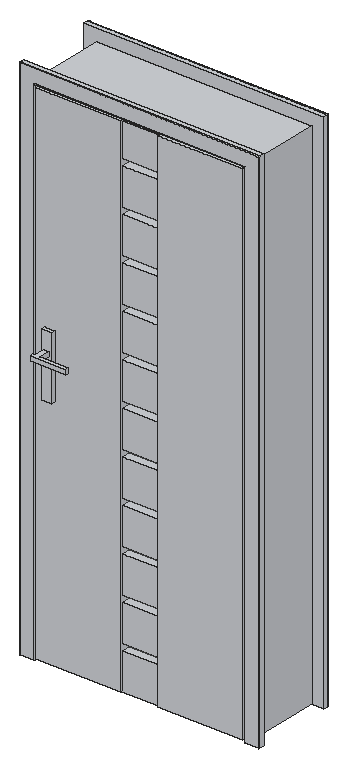
Revit family "PortaFOCUSbp_3C", category Drzwi, Revit 2016
Family settings
  Obiekt nadrzędny = Ściana
  Zawsze pionowo = Tak
  Tnij formami wycięć po wczytaniu = Nie
  Współdzielony = Nie
  Punkt obliczania pomieszczeń = Nie
Parameters (values of type "PN 80")
  Zakres szerokości muru [instance] = if(and(Szerokość ściany > 94 mm, Szerokość ściany < 120 mm), "B", (if(and(Szerokość ściany > 119 mm, Szerokość ściany < 140 mm), "C", (if(and(Szerokość ściany > 139 mm, Szerokość ściany < 160 mm), "D", (if(and(Szerokość ściany > 159 mm, Szerokość ściany < 180 mm), "E", (if(and(Szerokość ściany > 179 mm, Szerokość ściany < 200 mm), "F", (if(and(Szerokość ściany > 199 mm, Szerokość ściany < 220 mm), "G", (if(and(Szerokość ściany > 219 mm, Szerokość ściany < 240 mm), "H", (if(and(Szerokość ściany > 239 mm, Szerokość ściany < 260 mm), "I", (if(and(Szerokość ściany > 259 mm, Szerokość ściany < 280 mm), "J", (if(and(Szerokość ściany > 279 mm, Szerokość ściany < 301 mm), "K", "BRAK")))))))))))))))))))  # "K"
  Wysokość brutto = 2060 mm
  Szerokość ściany [instance] = 300 mm
  Szerokość brutto = 880 mm
  Model = "Porta Focus 3C"
  Materiał_szyba = Szkło
  Konstrukcja analityczna = "<Brak>"
  Funkcja = Wewnętrzna
  URL = "www.porta.com.pl"
  Ss = 818 mm
  Sb = 846 mm
  Producent = "PORTA KMI POLAND"
  Keynote = ""
  Opis = "Własność Porta KMI Poland, wszelkie prawa zastrzeżone."  # constant formula
  Wysokość = 2016 mm
  Zakończenie ściany = Wg obiektu nadrzędnego
  Szerokość = 800 mm
  Materiał_skrzydło [instance] = none
  Materiał_ościeżnica [instance] = none
  Materiał_klamka [instance] = none
  Hs = 2017 mm
Types (5, lengths in mm): name | Szerokość brutto | Materiał_szyba | Ss | Sb | Szerokość
  PN 70 | 780 | none | 718 | 746 | 700
  PN 60 | 680 | none | 618 | 646 | 600
  PN 80 | 880 | Szkło | 818 | 846 | 800
  PN 90 | 980 | none | 918 | 946 | 900
  PN 100 | 1080 | none | 1018 | 1046 | 1000
Reference planes
  plane 1: y = 0
  plane 2 "Środek (Lewa/Prawa)": x = 0
  plane 3 "Lewy": x = -440
  plane 4 "Prawy": x = 440
  plane 5: z = 2060
  plane 6 "Zewnętrzna": y = 150
  plane 7 "Wewnętrzna": y = -150
  plane 8 "skrzydło": y = -129
Forms (mm)
  Sweep 1, solid, material <- "Materiał_ościeżnica"
    path in 3D
      loop
        line (-440, -150, 0) -> (-440, -150, 2060) -> (440, -150, 2060) -> (440, -150, 0)
    profile origin (-440, -150, 1030) x (0, -1, 0) y (1, 0, 0)
      loop
        line (-24, 39) -> (-72, 39) -> (-72, 17) -> (0, 17) -> (0, -33) -> (16, -33)
        arc (16, -33) -> (18.121, -32.121) -> (19, -30) r 3
        line (19, -30) -> (19, 24)
        arc (19, 24) -> (18.121, 26.121) -> (16, 27) r 3
        line (16, 27) -> (-24, 27) -> (-24, 39)
  Sweep 2, solid, material <- "Materiał_ościeżnica"
    path in 3D
      loop
        line (440, 150, 0) -> (440, 150, 2060) -> (-440, 150, 2060) -> (-440, 150, 0)
    profile origin (-440, 150, 1030) x (1, 0, 0) y (0, 1, 0)
      loop
        line (-33, 0) -> (17, 0) -> (17, -228) -> (39, -228) -> (39, -1)
        arc (39, -1) -> (37.536, 2.536) -> (34, 4) r 5
        line (34, 4) -> (25, 4) -> (25, 16)
        arc (25, 16) -> (24.121, 18.121) -> (22, 19) r 3
        line (22, 19) -> (-30, 19)
        arc (-30, 19) -> (-32.121, 18.121) -> (-33, 16) r 3
        line (-33, 16) -> (-33, 0)
  Sweep 3, solid, not visible
    path in 3D
      loop
        line (-440, -150, 0) -> (-440, -150, 2060)
    profile origin (-440, -150, 1030) x (0, -1, 0) y (1, 0, 0)
      loop
        line (-151, 17) -> (-149, 17) -> (-149, 19) -> (-151, 19) -> (-151, 17)
Cuts and joins
  joined: Sweep 1, Sweep 2
Lines and regions (mm)
  Opening 1
    outline origin (-3050, -150, 0) x (1, 0, 0) y (0, 0, 1)
      loop
        line (2610, 0) -> (3490, 0) -> (3490, 2060) -> (2610, 2060) -> (2610, 0)
  sketch lines
    curve 1: line (-440, -150, 0) -> (-440, -150, 2060)
    curve 2: line (-440, -150, 2060) -> (440, -150, 2060)
    curve 3: line (440, -150, 2060) -> (440, -150, 0)
    curve 4: line (-440, 150, 2060) -> (-440, 150, 0)
    curve 5: line (440, 150, 2060) -> (-440, 150, 2060)
    curve 6: line (440, 150, 0) -> (440, 150, 2060)
    curve 12: line (-440, -150, 0) -> (-440, -150, 2060)
  symbolic lines, style "DoorsPanelProjection"
    curve 7: line (409, -150, 0) -> (409, -968, 0)
    curve 8: line (409, -968, 0) -> (369, -968, 0)
    curve 9: line (369, -968, 0) -> (369, -150, 0)
    curve 10: line (369, -150, 0) -> (409, -150, 0)
  symbolic lines, style "Ugięcie rzutu"
    curve 11: arc (-409, -150, 0) -> (-169.413, -728.413, 0) -> (409, -968, 0) r 818
Text (mm)
  text "Zewnętrzna" at (-2295.016, 1099.543, 0), in view "Poziom odniesienia"
  text "Zewnętrzna" at (0, 1615.38, 3698.081), in view "Lewy"
  text "Zewnętrzna" at (0, 1036.032, 3874.932), in view "Prawy"
Dimensions and locks
  equal spacing: plane 3 "Lewy", plane 2 "Środek (Lewa/Prawa)", plane 4 "Prawy"
  "Szerokość brutto": plane 3 "Lewy" to plane 4 "Prawy"
  "Wysokość brutto": plane 5 to host wall
  host wall to plane 5 = 2060 mm  (x2)
  locked: plane 6 "Zewnętrzna" to host wall at 0
  locked: plane 7 "Wewnętrzna" to host wall
  "Sb": Sweep 1 to Sweep 1
  locked: Sweep 1 sketch curve to Sweep 1 sketch curve at 22
  Sweep 1 sketch curve to Sweep 1 sketch curve = 50 mm
  locked: Sweep 1 sketch curve to profile plane at 72
  locked: Sweep 2 sketch curve to Sweep 2 sketch curve at 50
  locked: Sweep 2 sketch curve to Sweep 2 sketch curve at 22
  locked: Sweep 2 sketch curve to plane 6 "Zewnętrzna" at 1
  locked: curve 9 to curve 7 at 40
  "Ss": curve 8 to curve 10
  equal spacing: curve 11, plane 2 "Środek (Lewa/Prawa)", curve 7
  locked: plane 7 "Wewnętrzna" to plane 8 "skrzydło" at 21
  locked: host wall to Sweep 3 sketch curve at 1
  locked: Sweep 3 sketch curve to host wall at 1
  locked: Sweep 3 sketch curve to plane 6 "Zewnętrzna" at 151
  locked: plane 7 "Wewnętrzna" to Sweep 3 sketch curve at 151
  nested 1 to plane 2 "Środek (Lewa/Prawa)" to nested 1 = 409 mm, 409 mm
  locked: nested 1 to level at 8
  "Szerokość ściany": host wall to host wall
  aligned and locked: plane 3 "Lewy" to Opening 1 sketch curve
  aligned and locked: plane 5 to Opening 1 sketch curve  (x2)
  aligned and locked: Opening 1 sketch curve to plane 4 "Prawy"
  aligned and locked: Opening 1 sketch curve to level
  aligned and locked: plane 1 to host wall
  aligned and locked: Sweep 1 to Sweep 2 sketch curve
  aligned and locked: plane 7 "Wewnętrzna" to curve 10
  aligned and locked: Sweep 3 sketch curve to cut or joined group of Sweep 1, Sweep 2
  aligned and locked: Sweep 2 sketch curve to cut or joined group of Sweep 1, Sweep 2
  aligned and locked: nested 1 to plane 8 "skrzydło"
  aligned and locked: plane 2 "Środek (Lewa/Prawa)" to nested 1
Automatic sketch dimensions
  profile plane to Sweep 1 sketch curve = 24 mm
  Sweep 1 sketch curve to profile plane = 16 mm  (x2)
  Sweep 1 sketch curve to Sweep 1 sketch curve = 3 mm
  profile plane to Sweep 1 sketch curve = 17 mm
  Sweep 1 sketch curve to Sweep 1 sketch curve = 7 mm
  Sweep 1 sketch curve to profile plane = 0 mm
  Sweep 2 sketch curve to profile plane = 0 mm
  Sweep 2 sketch curve to profile plane = 16 mm
  Sweep 2 sketch curve to Sweep 2 sketch curve = 3 mm
  Sweep 2 sketch curve to Sweep 2 sketch curve = 5 mm
  Sweep 2 sketch curve to profile plane = 4 mm
  Sweep 2 sketch curve to Sweep 2 sketch curve = 8 mm
  curve 11 to host wall = 0 mm
  Sweep 3 sketch curve to Sweep 3 sketch curve = 2 mm
Nested families
  nested 1: "skrzydło" at (0, -135.5, 0), type "skrzydło"
Definition of nested family "skrzydło"
  Parameters
    Ss = 818 mm
    Materiał_skrzydło = none
    Materiał_klamka = none
    Materiał szyba = none
    Hs = 2017 mm
  Reference planes
    plane 1 "Tył": y = 6.5
    plane 2: z = 0
    plane 3 "Środek (Lewa/Prawa)": x = 0
    plane 4 "Przód": y = -33.5
    plane 5: z = 2025
    plane 6 "Centrum": y = -13.5
    plane 7: z = 8
    plane 8: x = -409
    plane 9: x = 409
    plane 10: x = -72.5
    plane 11: x = 72.5
  Forms (mm)
    Extrusion 1, solid, material <- "Materiał_skrzydło"
      sketch origin (-1191.728, -1524, 8) x (-1, 0, 0) y (0, -1, 0)
        loop
          line (-1119.228, -1490.5) -> (-1119.228, -1530.5) -> (-782.728, -1530.5) -> (-782.728, -1490.5) -> (-1119.228, -1490.5)
        loop
          line (-1600.728, -1530.5) -> (-1264.228, -1530.5) -> (-1264.228, -1490.5) -> (-1600.728, -1490.5) -> (-1600.728, -1530.5)
      from 0 to 2017
    Extrusion 2, solid, material <- "Materiał szyba"
      sketch origin (-892.016, -13.5, 1200) x (-1, 0, 0) y (0, 0, 1)
        loop
          line (-819.516, 824) -> (-964.516, 824) -> (-964.516, -1191) -> (-819.516, -1191) -> (-819.516, 824)
      from -4 to 4
    Extrusion 3, solid, material <- "Materiał_skrzydło"
      sketch origin (-892.016, -13.5, 1200) x (-1, 0, 0) y (0, 0, 1)
        loop
          line (-819.516, -1047) -> (-964.516, -1047) -> (-964.516, -1192) -> (-819.516, -1192) -> (-819.516, -1047)
        loop
          line (-819.516, 825) -> (-964.516, 825) -> (-964.516, 693) -> (-819.516, 693) -> (-819.516, 825)
        loop
          line (-819.516, -875.6) -> (-964.516, -875.6) -> (-964.516, -1020.6) -> (-819.516, -1020.6) -> (-819.516, -875.6)
        loop
          line (-819.516, -704.2) -> (-964.516, -704.2) -> (-964.516, -849.2) -> (-819.516, -849.2) -> (-819.516, -704.2)
        loop
          line (-819.516, -532.8) -> (-964.516, -532.8) -> (-964.516, -677.8) -> (-819.516, -677.8) -> (-819.516, -532.8)
        loop
          line (-819.516, -361.4) -> (-964.516, -361.4) -> (-964.516, -506.4) -> (-819.516, -506.4) -> (-819.516, -361.4)
        loop
          line (-819.516, -190) -> (-964.516, -190) -> (-964.516, -335) -> (-819.516, -335) -> (-819.516, -190)
        loop
          line (-819.516, -18.6) -> (-964.516, -18.6) -> (-964.516, -163.6) -> (-819.516, -163.6) -> (-819.516, -18.6)
        loop
          line (-819.516, 152.8) -> (-964.516, 152.8) -> (-964.516, 7.8) -> (-819.516, 7.8) -> (-819.516, 152.8)
        loop
          line (-819.516, 324.2) -> (-964.516, 324.2) -> (-964.516, 179.2) -> (-819.516, 179.2) -> (-819.516, 324.2)
        loop
          line (-819.516, 495.6) -> (-964.516, 495.6) -> (-964.516, 350.6) -> (-819.516, 350.6) -> (-819.516, 495.6)
        loop
          line (-819.516, 667) -> (-964.516, 667) -> (-964.516, 522) -> (-819.516, 522) -> (-819.516, 667)
      from -16.7 to 16.7
  Dimensions and locks
    locked: plane 7 to level at 8
    "Hs": plane 5 to plane 7
    locked: nested 1 to plane 7 at 934
    locked: plane 7 to nested 2 at 934
    equal spacing: plane 4 "Przód", plane 6 "Centrum", plane 1 "Tył"
    equal spacing: plane 8, plane 3 "Środek (Lewa/Prawa)", plane 9
    "Ss": plane 8 to plane 9
    locked: plane 8 to nested 1 at 55
    locked: plane 8 to nested 2 at 55
    plane 10 to plane 3 "Środek (Lewa/Prawa)" to plane 11 = 72.5 mm locked, 72.5 mm locked
    aligned and locked: nested 1 to plane 4 "Przód"
    aligned and locked: plane 5 to Extrusion 1
    aligned and locked: nested 2 to nested 1
    aligned and locked: Extrusion 1 sketch curve to plane 8
    aligned and locked: Extrusion 1 sketch curve to plane 9
    aligned and locked: Extrusion 1 sketch curve to plane 1 "Tył"
    aligned and locked: Extrusion 1 sketch curve to plane 4 "Przód"
    aligned and locked: plane 10 to Extrusion 2 sketch curve
    aligned and locked: Extrusion 2 sketch curve to plane 11
    aligned and locked: Extrusion 1 sketch curve to plane 10
    aligned and locked: plane 11 to Extrusion 1 sketch curve
    aligned and locked: plane 10 to Extrusion 3 sketch curve
    aligned and locked: Extrusion 3 sketch curve to plane 11
    aligned and locked: plane 7 to Extrusion 3 sketch curve
    aligned and locked: plane 5 to Extrusion 3 sketch curve
  Automatic sketch dimensions
    plane 1 "Tył" to Extrusion 1 sketch curve = 0 mm
    Extrusion 1 sketch curve to plane 4 "Przód" = 0 mm
    Extrusion 2 sketch curve to plane 5 = 1 mm
    plane 7 to Extrusion 2 sketch curve = 1 mm
    plane 11 to Extrusion 3 sketch curve = 0 mm  (x11)
    Extrusion 3 sketch curve to plane 10 = 0 mm  (x11)
    Extrusion 3 sketch curve to Extrusion 3 sketch curve = 145 mm  (x11)
    Extrusion 3 sketch curve to Extrusion 3 sketch curve = 26.4 mm  (x10)
    Extrusion 3 sketch curve to Extrusion 3 sketch curve = 26 mm
  Nested families
    nested 1: "KLAMKA" at (-354, -33.5, 1067), Materiał klamki <- "Materiał_klamka", type "KLAMKA"
      with Materiał klamki none
    nested 2: "KLAMKA" at (-354, 6.5, 1067), Materiał klamki <- "Materiał_klamka", type "KLAMKA"
      with Materiał klamki none
  Definition of nested family "KLAMKA"
    Parameters
      Materiał klamki [instance] = none
      Assembly Code = ""
      Default Elevation = 1219.2 mm
    Reference planes
      plane 1 "Center (Front/Back)": y = 0
      plane 2: z = 0
      plane 3 "Center (Left/Right)": x = 0
      plane 4: z = 125
      plane 5: z = -125
      plane 6: x = 20
      plane 7: x = -20
      plane 8: y = -70
      plane 9: y = -60
      plane 10: x = 10
      plane 11: x = -10
      plane 12: x = 120
      plane 13: z = 35
      plane 14: z = 55
      plane 15: y = -15
    Forms (mm)
      Extrusion 1, solid, material <- "Materiał klamki"
        sketch origin (0, 0, 0) x (1, 0, 0) y (0, 0, 1)
          loop
            line (-20, 125) -> (-20, -125) -> (20, -125) -> (20, 125) -> (-20, 125)
        from 0 to 15
      Extrusion 2, solid, material <- "Materiał klamki"
        sketch origin (0, 0, 0) x (1, 0, 0) y (0, 1, 0)
          loop
            line (-10, -15) -> (-10, -60) -> (-20, -60) -> (-20, -70) -> (120, -70) -> (120, -60) -> (10, -60) -> (10, -15) -> (-10, -15)
        from 35 to 55
    Dimensions and locks
      equal spacing: plane 4, plane 2, plane 5
      plane 4 to plane 5 = 250 mm
      equal spacing: plane 7, plane 3 "Center (Left/Right)", plane 6
      plane 7 to plane 6 = 40 mm
      plane 8 to plane 1 "Center (Front/Back)" = 70 mm
      plane 11 to plane 3 "Center (Left/Right)" to plane 10 = 10 mm locked, 10 mm locked
      plane 7 to plane 12 = 140 mm
      plane 15 to plane 1 "Center (Front/Back)" = 15 mm
      aligned and locked: plane 7 to Extrusion 1 sketch curve
      aligned and locked: Extrusion 1 sketch curve to plane 4
      aligned and locked: plane 5 to Extrusion 1 sketch curve
      aligned and locked: Extrusion 1 sketch curve to plane 6
      aligned and locked: plane 15 to Extrusion 1
      aligned and locked: Extrusion 1 to plane 1 "Center (Front/Back)"
      aligned and locked: plane 14 to Extrusion 2
      aligned and locked: Extrusion 2 to plane 13
    Automatic sketch dimensions
      Extrusion 2 sketch curve to plane 7 = 0 mm
      Extrusion 2 sketch curve to plane 9 = 0 mm  (x2)
      Extrusion 2 sketch curve to plane 11 = 0 mm
      Extrusion 2 sketch curve to plane 10 = 0 mm
      Extrusion 2 sketch curve to plane 12 = 0 mm
      Extrusion 2 sketch curve to plane 8 = 0 mm
      Extrusion 2 sketch curve to plane 15 = 0 mm
